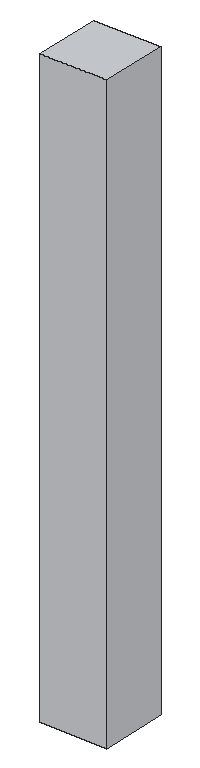
Revit family "41cf4ef71f4945c998c7c2bc1c1fc6e1", category Columns, Revit 2025
Family settings
  Cut with Voids When Loaded = No
  Automatically joins geometry to walls = Yes
  Shared = No
  Show family pre-cut in plan views = Yes
Parameters (values of type "450x450mm")
  Keynote = "G"
  Depth = 450 mm
  Material = none
  Offset Base = 0 mm
  Offset Top = 0 mm
  Width = 450 mm
Types (3, lengths in mm): name | Depth | Width
  450x600mm | 450 | 600
  600x600mm | 600 | 600
  450x450mm | 450 | 450
Reference planes
  plane 1: y = 0
  plane 2: z = 0
  plane 3: x = 0
  plane 4: z = 4000
  plane 5: z = 0
  plane 6: x = -225
  plane 7: x = 225
  plane 8: y = -225
  plane 9: y = 225
Forms (mm)
  Extrusion 1, solid, material <- "Material"
    sketch origin (0, 0, 0) x (1, 0, 0) y (0, 1, 0)
      loop
        line (-225, 225) -> (-225, -225) -> (225, -225) -> (225, 225) -> (-225, 225)
    from 0 to 4000
Dimensions and locks
  "Offset Base": plane 5 to level
  "Offset Top": level to plane 4
  equal spacing: plane 6, plane 3, plane 7
  "Width": plane 6 to plane 7
  equal spacing: plane 8, plane 1, plane 9
  "Depth": plane 8 to plane 9
  aligned and locked: plane 4 to Extrusion 1
  aligned and locked: Extrusion 1 to plane 5
Automatic sketch dimensions
  Extrusion 1 sketch curve to plane 6 = 0 mm
  Extrusion 1 sketch curve to plane 7 = 0 mm
  Extrusion 1 sketch curve to plane 8 = 0 mm
  Extrusion 1 sketch curve to plane 9 = 0 mm
